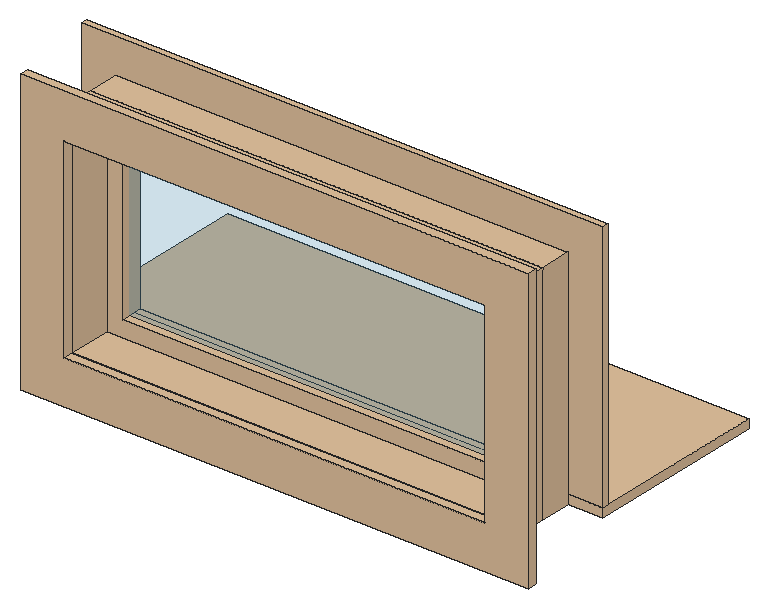
Revit family "6c4b9063ebf64c0fa7bf4ed527c975ec", category Windows, host Wall, Revit 2021
Family settings
  Host = Wall
  Seek Item ID = Light Shelf Exterior-0000-USA-ENU
  Always vertical = Yes
  Cut with Voids When Loaded = No
  Shared = No
  Room Calculation Point = No
Parameters (values of type "14" Shelf")
  Shelf Projection = 1' - 2"
  Assembly Code = "B2020100"
  Glass Pane Material = Glass
  Height = 1' - 6"
  Sash Material = Sash
  Default Sill Height = 7' - 1"
  Trim Exterior Material = Trim
  Trim Interior Material = Trim
  Trim Projection - Ext. = 0' - 0 1/2"
  Trim Projection - Int. = 0' - 0 3/4"
  Trim Width - Exterior = 0' - 3 1/2"
  Trim Width - Interior = 0' - 3 1/2"
  Wall Closure = By host
  Width = 3' - 0"
  Window Inset = 0' - 0 3/4"
Reference planes (in)
  plane 1: y = 0
  plane 2: z = 0
  plane 3 "Center": x = -1.5
  plane 4 "Left": x = -19.5
  plane 5 "Right": x = 16.5
  plane 6 "Sill": z = 85
  plane 7 "Top": z = 103
  plane 8: y = 3
  plane 9: y = -3
  plane 10: y = 2.25
  plane 11: x = -18.75
  plane 12: x = -18.25
  plane 13: x = 15.75
  plane 14: x = 15.25
  plane 15: x = -22.25
  plane 16: x = -21.75
  plane 17: x = 18.75
  plane 18: x = 19.25
  plane 19: z = 105.75
  plane 20: z = 102.25
  plane 21: z = 101.75
  plane 22: z = 105.25
  plane 23: z = 86.25
  plane 24: z = 82.75
  plane 25 "Closure": y = 1.375
Forms (in)
  Extrusion 1, solid, material "Sash" <- "Sash Material"
    sketch origin (0, 0, 0) x (1, 0, 0) y (0, 0, 1)
      loop
        line (-19.5, 103) -> (-19.5, 85) -> (16.5, 85) -> (16.5, 103) -> (-19.5, 103)
      loop
        line (-18.75, 102.25) -> (-18.75, 85.75) -> (15.75, 85.75) -> (15.75, 102.25) -> (-18.75, 102.25)
    from -3 to -0.5
  Extrusion 2, solid, material "Sash" <- "Sash Material"
    sketch origin (0, 0, 0) x (-1, 0, 0) y (0, 0, 1)
      loop
        line (-16.5, 103) -> (-16.5, 85) -> (19.5, 85) -> (19.5, 103) -> (-16.5, 103)
      loop
        line (-15.25, 101.75) -> (-15.25, 86.25) -> (18.25, 86.25) -> (18.25, 101.75) -> (-15.25, 101.75)
    from 0.5 to -3
  Extrusion 3, solid, material "Sash" <- "Sash Material"
    sketch origin (0, 0, 0) x (-1, 0, 0) y (0, 0, 1)
      loop
        line (-15.75, 102.25) -> (-15.75, 85.75) -> (18.75, 85.75) -> (18.75, 102.25) -> (-15.75, 102.25)
      loop
        line (-14, 100.5) -> (-14, 87.5) -> (17, 87.5) -> (17, 100.5) -> (-14, 100.5)
    from 0.5 to 2.25
  Extrusion 4, solid, material "Glass" <- "Glass Pane Material"
    sketch origin (-4.9201, 0, -4.60771) x (1, 0, 0) y (0, 0, 1)
      loop
        line (-12.0799, 105.10771) -> (-12.0799, 92.10771) -> (18.9201, 92.10771) -> (18.9201, 105.10771) -> (-12.0799, 105.10771)
    from -1.625 to -1.125
  Extrusion 5, solid, material "Trim" <- "Trim Interior Material"
    sketch origin (0, 0, 0) x (1, 0, 0) y (0, 0, 1)
      loop
        line (-18.25, 101.75) -> (-18.25, 86.25) -> (15.25, 86.25) -> (15.25, 101.75) -> (-18.25, 101.75)
      loop
        line (-21.75, 105.25) -> (-21.75, 82.75) -> (18.75, 82.75) -> (18.75, 105.25) -> (-21.75, 105.25)
    from 3 to 3.75
  Extrusion 6, solid, material "Trim" <- "Trim Exterior Material"
    sketch origin (0, 0, 0) x (-1, 0, 0) y (0, 0, 1)
      loop
        line (-15.75, 102.25) -> (18.75, 102.25) -> (18.75, 85.75) -> (22.25, 85.75) -> (22.25, 105.75) -> (-19.25, 105.75) -> (-19.25, 85.75) -> (-15.75, 85.75) -> (-15.75, 102.25)
    from 3 to 3.5
  Extrusion 7, solid, material "Trim" <- "Trim Exterior Material"
    sketch origin (0, 0, 0) x (-1, 0, 0) y (0, 0, 1)
      loop
        line (-19.25, 85.75) -> (-19.25, 85) -> (22.25, 85) -> (22.25, 85.75) -> (-19.25, 85.75)
    from 3 to 17.5
Lines and regions (in)
  Opening 1
    outline origin (-60, -3, 0) x (1, 0, 0) y (0, 0, 1)
      loop
        line (40.5, 103) -> (40.5, 85) -> (76.5, 85) -> (76.5, 103) -> (40.5, 103)
  symbolic lines, style "WindowsFrameMullionProjection"
    curve 1: line (-19.5, 3, 0) -> (-18.75, 3, 0)
    curve 2: line (-18.75, 0.5, 0) -> (-18.75, 3, 0)
    curve 3: line (-18.75, 0.5, 0) -> (-18.25, 0.5, 0)
    curve 4: line (-18.25, -3, 0) -> (-18.25, 0.5, 0)
    curve 5: line (16.5, 3, 0) -> (15.75, 3, 0)
    curve 6: line (15.25, 0.5, 0) -> (15.25, -3, 0)
    curve 7: line (15.25, 0.5, 0) -> (15.75, 0.5, 0)
    curve 8: line (15.75, 0.5, 0) -> (15.75, 3, 0)
    curve 9: line (-18.75, 2.25, 0) -> (-17, 2.25, 0)
    curve 10: line (-18.75, 2.25, 0) -> (-18.75, 0.5, 0)
    curve 11: line (-18.75, 0.5, 0) -> (-17, 0.5, 0)
    curve 12: line (-17, 2.25, 0) -> (-17, 0.5, 0)
    curve 13: line (15.75, 2.25, 0) -> (14, 2.25, 0)
    curve 14: line (15.75, 2.25, 0) -> (15.75, 0.5, 0)
    curve 15: line (15.75, 0.5, 0) -> (14, 0.5, 0)
    curve 16: line (14, 2.25, 0) -> (14, 0.5, 0)
    curve 18: line (-18.25, -3, 0) -> (-19.5, -3, 0)
    curve 19: line (15.25, -3, 0) -> (16.5, -3, 0)
  symbolic lines, style "WindowsGlassProjection"
    curve 17: line (-17, 1.375, 0) -> (14, 1.375, 0)
Text (in)
  text "EXTERIOR" at (-56.58296, 53.32073, 0), in view "Floor Line"
  text "INTERIOR" at (-58.6888, -35.2679, 0), in view "Floor Line"
  text "Exterior" at (0, 43.65631, 134.44969), in view "Left"
  text "Exterior" at (0, 18.29385, 125.04747), in view "Right"
Dimensions and locks (in)
  equal spacing: plane 4 "Left", plane 3 "Center", plane 5 "Right"
  "Width": plane 4 "Left" to plane 5 "Right"
  plane 2 to plane 24 to plane 6 "Sill" to plane 21 to plane 7 "Top" = 6' - 10 3/4", 0' - 2 1/4", 1' - 4 3/4", 0' - 1 1/4"
  "Window Inset": plane 8 to plane 10
  locked: plane 10 to Extrusion 3 at 1.75
  locked: plane 10 to Extrusion 4 at 0.625
  locked: Extrusion 4 to Extrusion 4 at 0.5
  "Trim Projection - Int.": Extrusion 5 to Extrusion 5
  "Trim Projection - Ext.": Extrusion 6 to Extrusion 6
  locked: Extrusion 7 sketch curve to Extrusion 1 at 0.75
  "Shelf Projection": Extrusion 7 to Extrusion 6
  locked: plane 4 "Left" to plane 11 at 0.75
  locked: plane 13 to plane 5 "Right" at 0.75
  locked: plane 14 to plane 5 "Right" at 1.25
  locked: plane 4 "Left" to plane 12 at 1.25
  "Trim Width - Exterior": plane 13 to plane 18
  "Trim Width - Exterior": plane 15 to plane 11
  locked: plane 20 to plane 7 "Top" at 0.75
  "Trim Width - Exterior": plane 20 to plane 19
  "Trim Width - Interior": plane 16 to plane 12
  "Trim Width - Interior": plane 14 to plane 17
  locked: plane 7 "Top" to plane 21 at 1.25
  "Trim Width - Interior": plane 22 to plane 21
  locked: plane 23 to plane 6 "Sill" at 1.25
  "Trim Width - Interior": plane 23 to plane 24
  "Height": plane 7 "Top" to plane 6 "Sill"
  "Default Sill Height": plane 6 "Sill" to plane 2
  locked: plane 25 "Closure" to plane 10 at 0.875
  aligned and locked: plane 7 "Top" to Opening 1 sketch curve
  aligned and locked: plane 6 "Sill" to Opening 1 sketch curve  (x2)
  aligned and locked: plane 5 "Right" to Opening 1 sketch curve
  aligned and locked: plane 4 "Left" to Opening 1 sketch curve
  aligned and locked: plane 9 to host wall
  aligned and locked: host wall to Extrusion 2
  aligned and locked: plane 10 to Extrusion 3
  aligned and locked: plane 8 to host wall
  aligned and locked: host wall to Extrusion 1
  aligned and locked: Extrusion 2 to Extrusion 1
  aligned and locked: Extrusion 1 to Extrusion 3
  aligned and locked: Extrusion 4 sketch curve to Extrusion 3  (x4)
  aligned and locked: curve 5 to Extrusion 1  (x2)
  aligned and locked: curve 6 to Extrusion 2
  aligned and locked: curve 4 to Extrusion 2
  aligned and locked: curve 16 to Extrusion 3
  aligned and locked: Extrusion 1 to curve 11
  aligned and locked: Extrusion 1 to curve 7
  aligned and locked: Extrusion 5 sketch curve to Extrusion 2  (x4)
  aligned and locked: Extrusion 5 to host wall
  aligned and locked: Extrusion 6 sketch curve to Extrusion 1  (x4)
  aligned and locked: Extrusion 6 to host wall
  aligned and locked: Extrusion 7 sketch curve to Extrusion 6  (x2)
  aligned and locked: Extrusion 7 to host wall
Automatic sketch dimensions
  Extrusion 1 sketch curve to plane 4 "Left" = 0' - 0"
  Extrusion 1 sketch curve to plane 5 "Right" = 0' - 0"
  Extrusion 1 sketch curve to plane 4 "Left" = 0' - 0 3/4"
  plane 5 "Right" to Extrusion 1 sketch curve = 0' - 0 3/4"
  Extrusion 1 sketch curve to plane 6 "Sill" = 0' - 0"
  Extrusion 1 sketch curve to plane 7 "Top" = 0' - 0"
  Extrusion 1 sketch curve to plane 6 "Sill" = 0' - 0 3/4"
  plane 7 "Top" to Extrusion 1 sketch curve = 0' - 0 3/4"
  Extrusion 2 sketch curve to plane 5 "Right" = 0' - 0"
  Extrusion 2 sketch curve to plane 4 "Left" = 0' - 0"
  plane 5 "Right" to Extrusion 2 sketch curve = 0' - 1 1/4"
  Extrusion 2 sketch curve to plane 4 "Left" = 0' - 1 1/4"
  Extrusion 2 sketch curve to plane 6 "Sill" = 0' - 0"
  Extrusion 2 sketch curve to plane 7 "Top" = 0' - 0"
  Extrusion 2 sketch curve to plane 6 "Sill" = 0' - 1 1/4"
  plane 7 "Top" to Extrusion 2 sketch curve = 0' - 1 1/4"
  plane 5 "Right" to Extrusion 3 sketch curve = 0' - 0 3/4"
  plane 5 "Right" to Extrusion 3 sketch curve = 0' - 2 1/2"
  Extrusion 3 sketch curve to plane 4 "Left" = 0' - 2 1/2"
  Extrusion 3 sketch curve to plane 4 "Left" = 0' - 0 3/4"
  Extrusion 3 sketch curve to plane 6 "Sill" = 0' - 0 3/4"
  Extrusion 3 sketch curve to plane 6 "Sill" = 0' - 2 1/2"
  plane 7 "Top" to Extrusion 3 sketch curve = 0' - 2 1/2"
  plane 7 "Top" to Extrusion 3 sketch curve = 0' - 0 3/4"
  curve 18 to plane 4 "Left" = 0' - 0"
  curve 1 to plane 4 "Left" = 0' - 0"
  curve 2 to plane 8 = 0' - 0"
  curve 10 to plane 10 = 0' - 0"
  curve 13 to plane 10 = 0' - 0"
  curve 19 to plane 5 "Right" = 0' - 0"
  curve 1 to curve 2 = 0' - 0 3/4"
  curve 9 to curve 12 = 0' - 1 3/4"
  plane 5 "Right" to curve 13 = 0' - 0 3/4"
  curve 19 to plane 9 = 0' - 0"
  curve 4 to plane 9 = 0' - 0"
  curve 11 to curve 17 = 0' - 0 7/8"
  Extrusion 7 sketch curve to plane 15 = 0' - 0"
  Extrusion 5 sketch curve to plane 16 = 0' - 0"
  Extrusion 5 sketch curve to plane 17 = 0' - 0"
  Extrusion 5 sketch curve to plane 24 = 0' - 0"
  Extrusion 5 sketch curve to plane 22 = 0' - 0"
  Extrusion 6 sketch curve to plane 18 = 0' - 0"
  Extrusion 6 sketch curve to plane 15 = 0' - 0"
  Extrusion 6 sketch curve to plane 19 = 0' - 0"
  Extrusion 6 sketch curve to plane 6 "Sill" = 0' - 0 3/4"
